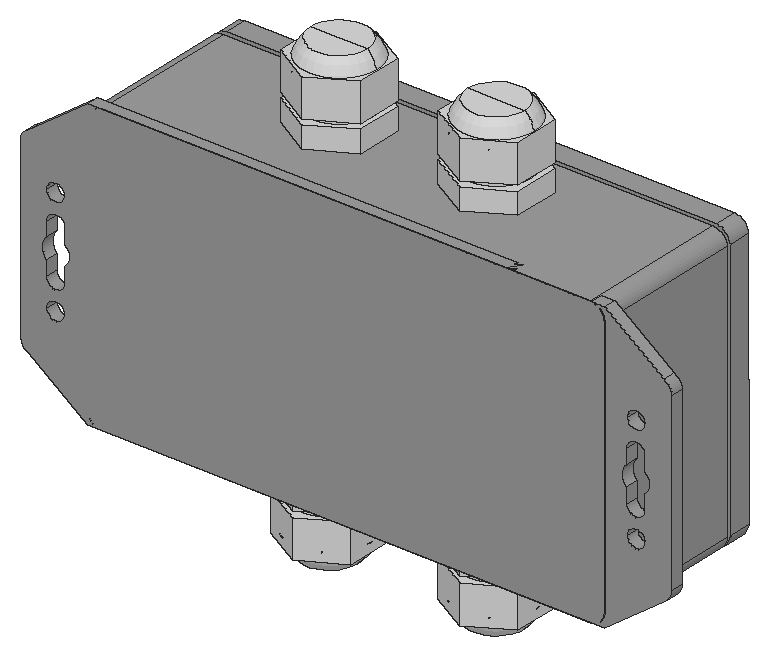
Revit family "СИБ", category Электрические приборы, Revit 2019
Family settings
  Основа = Стена
  Сохранять ориентацию аннотаций = Нет
  Размер круглого соединителя = Использовать диаметр
  Тип детали = Нормальный
  Номер OmniClass = 23.80.00.00
  Заголовок OmniClass = Electric Power and Lighting
  Всегда вертикально = Нет
  При загрузке вырезать с полостями = Нет
  Общий = Нет
  Точка расчета площади = Нет
Parameters (values of type "SET.SIB.NB.4.68.A.0.1.0")
  Ширина, мм = if(Степень_защиты_IP = 20, 99 mm, 115 mm)  # 115 mm
  Ширина с креплением = 145 mm
  Уплотнители IP20 = Степень_защиты_IP = 20  # no
  Температурный режим = "-40 +55ºС"
  Степень_защиты_IP = 68
  Сайт производителя = "https://chronosmeter.com/"
  Питание = "внутреннее"
  Крепление на стену = or(Степень_защиты_IP = 65, Степень_защиты_IP = 68)  # yes
  Каналы = 4
  Интерфейс = "GSM"
  Глубина, мм = if(Степень_защиты_IP = 20, 38 mm, 40 mm)  # 40 mm
  Гермовводы = or(Степень_защиты_IP = 65, Степень_защиты_IP = 68)  # yes
  Высота_крепление = 42.737 mm
  Высота размещения = 1497.967 mm
  Высота = if(Степень_защиты_IP = 20, 48 mm, 64 mm)  # 64 mm
  Антенна = "внешняя"
  Sim-карта в комплекте = no
  SMA разъем = no
  ADSK_Наименование = "Счетчик импульсов беспроводной 4канальный NB-IoT"
  ADSK_Масса = if(Степень_защиты_IP = 20, 0.15, 0.2)  # 0.2
  ADSK_Марка = "SET.SIB.NB.4.68.A.0.1.0"
  ADSK_Количество = 1
  ADSK_Код изделия = "C199-1345"
  ADSK_Завод-изготовитель = "Chronos Meter"  # constant formula
  ADSK_Единица измерения = "шт."  # constant formula
Types (28, lengths in mm): name | Ширина, мм | Уплотнители IP20 | Температурный режим | Степень_защиты_IP | Питание | Крепление на стену | Интерфейс | Глубина, мм | Гермовводы | Высота | Антенна | Sim-карта в комплекте | SMA разъем | ADSK_Наименование | ADSK_Масса | ADSK_Марка | ADSK_Код изделия
  SET.SIB.LR.4.20.0.0.0.0 | 99 | yes | "0 +55ºС" | 20 | "внутреннее" | no | "LoRaWAN" | 38 | no | 48 | "внутренняя" | no | no | "Счетчик импульсов беспроводной 4канальный LoRaWAN" | 0.15 | "SET.SIB.LR.4.20.0.0.0.0" | "C199-1104"
  SET.SIB.LR.4.20.S.0.0.0 | 99 | yes | "0 +55ºС" | 20 | "внутреннее" | no | "LoRaWAN" | 38 | no | 48 | "внешняя" | no | yes | "Счетчик импульсов беспроводной 4канальный LoRaWAN" | 0.15 | "SET.SIB.LR.4.20.S.0.0.0" | "C199-1105"
  SET.SIB.LR.4.65.0.0.0.0 | 115 | no | "0 +55ºС" | 65 | "внутреннее" | yes | "LoRaWAN" | 40 | yes | 64 | "внутренняя" | no | no | "Счетчик импульсов беспроводной 4канальный LoRaWAN" | 0.2 | "SET.SIB.LR.4.65.0.0.0.0" | "C199-1136"
  SET.SIB.LR.4.65.S.0.0.0 | 115 | no | "0 +55ºС" | 65 | "внутреннее" | yes | "LoRaWAN" | 40 | yes | 64 | "внешняя" | no | yes | "Счетчик импульсов беспроводной 4канальный LoRaWAN" | 0.2 | "SET.SIB.LR.4.65.0.0.0.0" | "C199-1137"
  SET.SIB.LR.4.68.A.0.0.0 | 115 | no | "0 +55ºС" | 68 | "внутреннее" | yes | "LoRaWAN" | 40 | yes | 64 | "внешняя" | no | no | "Счетчик импульсов беспроводной 4канальный LoRaWAN" | 0.2 | "SET.SIB.LR.4.68.A.0.0.0" | "C199-1156"
  SET.SIB.LR.4.68.A.0.1.0 | 115 | no | "-40 +55ºС" | 68 | "внутреннее" | yes | "LoRaWAN" | 40 | yes | 64 | "внешняя" | no | no | "Счетчик импульсов беспроводной 4канальный LoRaWAN" | 0.2 | "SET.SIB.LR.4.68.A.0.1.0" | "C199-1157"
  SET.SIB.GSM.4.65.S.0.0.0 | 115 | no | "0 +55ºС" | 65 | "внутреннее" | yes | "GSM" | 40 | yes | 64 | "внешняя" | no | yes | "Счетчик импульсов беспроводной 4канальный GSM" | 0.2 | "SET.SIB.GSM.4.65.S.0.0.0" | "C199-1219"
  SET.SIB.GSM.4.65.S.1.1.0 | 115 | no | "-40 +55ºС" | 65 | "внешнее" | yes | "GSM" | 40 | yes | 64 | "внешняя" | no | yes | "Счетчик импульсов беспроводной 4канальный GSM" | 0.2 | "SET.SIB.GSM.4.65.S.1.1.0" | "C199-1225"
  SET.SIB.GSM.4.68.A.0.0.0 | 115 | no | "0 +55ºС" | 68 | "внутреннее" | yes | "GSM" | 40 | yes | 64 | "внешняя" | no | no | "Счетчик импульсов беспроводной 4канальный GSM" | 0.2 | "SET.SIB.GSM.4.68.A.0.0.0" | "C199-1243"
  SET.SIB.NB.4.65.S.0.0.0 | 115 | no | "0 +55ºС" | 65 | "внутреннее" | yes | "NB-IoT" | 40 | yes | 64 | "внешняя" | no | yes | "Счетчик импульсов беспроводной 4канальный NB-IoT" | 0.2 | "SET.SIB.GSM.4.65.S.0.0.0" | "C199-1319"
  SET.SIB.NB.4.65.S.1.1.0 | 115 | no | "-40 +55ºС" | 65 | "внешнее" | yes | "NB-IoT" | 40 | yes | 64 | "внешняя" | no | yes | "Счетчик импульсов беспроводной 4канальный NB-IoT" | 0.2 | "SET.SIB.GSM.4.65.S.1.1.0" | "C199-1325"
  SET.SIB.NB.4.68.A.0.0.0 | 115 | no | "0 +55ºС" | 68 | "внутреннее" | yes | "GSM" | 40 | yes | 64 | "внешняя" | no | no | "Счетчик импульсов беспроводной 4канальный NB-IoT" | 0.2 | "SET.SIB.NB.4.68.A.0.0.0" | "C199-1343"
  SET.SIB.NB.4.65.S.0.0.SIM.C | 115 | no | "0 +55ºС" | 65 | "внутреннее" | yes | "NB-IoT" | 40 | yes | 64 | "внешняя" | yes | yes | "Счетчик импульсов беспроводной 4канальный NB-IoT" | 0.2 | "SET.SIB.NB.4.65.S.0.0.SIM.C" | "C199-1348"
  SET.SIB.NB.4.68.A.0.0.SIM.C | 115 | no | "0 +55ºС" | 68 | "внутреннее" | yes | "GSM" | 40 | yes | 64 | "внешняя" | yes | no | "Счетчик импульсов беспроводной 4канальный NB-IoT" | 0.2 | "SET.SIB.NB.4.68.A.0.0.SIM.C" | "C199-1351"
  SET.SIB.RF.4.20.0.0.0.0 | 99 | yes | "0 +55ºС" | 20 | "внутреннее" | no | "RF-433" | 38 | no | 48 | "внутренняя" | no | no | "Счетчик импульсов беспроводной 4канальный wM-Bus" | 0.15 | "SET.SIB.RF.4.20.0.0.0.0" | "C199-1000"
  SET.SIB.RF.4.20.S.0.0.0 | 99 | yes | "0 +55ºС" | 20 | "внутреннее" | no | "RF-433" | 38 | no | 48 | "внешняя" | no | yes | "Счетчик импульсов беспроводной 4канальный wM-Bus" | 0.15 | "SET.SIB.RF.4.20.S.0.0.0" | "C199-1001"
  SET.SIB.RF.4.65.0.0.0.0 | 115 | no | "0 +55ºС" | 65 | "внутреннее" | yes | "RF-433" | 40 | yes | 64 | "внутренняя" | no | no | "Счетчик импульсов беспроводной 4канальный wM-Bus" | 0.2 | "SET.SIB.RF.4.65.0.0.0.0" | "C199-1006"
  SET.SIB.RF.4.65.S.0.0.0 | 115 | no | "0 +55ºС" | 65 | "внутреннее" | yes | "RF-433" | 40 | yes | 64 | "внешняя" | no | yes | "Счетчик импульсов беспроводной 4канальный wM-Bus" | 0.2 | "SET.SIB.RF.4.65.S.0.0.0" | "C199-1007"
  SET.SIB.RF.4.65.0.0.1.0 | 115 | no | "-40 +55ºС" | 65 | "внутреннее" | yes | "RF-433" | 40 | yes | 64 | "внутренняя" | no | no | "Счетчик импульсов беспроводной 4канальный wM-Bus" | 0.2 | "SET.SIB.RF.4.65.0.0.1.0" | "C199-1008"
  SET.SIB.RF.4.65.S.0.1.0 | 115 | no | "-40 +55ºС" | 65 | "внутреннее" | yes | "RF-433" | 40 | yes | 64 | "внешняя" | no | yes | "Счетчик импульсов беспроводной 4канальный wM-Bus" | 0.2 | "SET.SIB.RF.4.65.S.0.1.0" | "C199-1009"
  SET.SIB.RF.4.68.A.0.0.0 | 115 | no | "0 +55ºС" | 68 | "внутреннее" | yes | "RF-433" | 40 | yes | 64 | "внешняя" | no | no | "Счетчик импульсов беспроводной 4канальный wM-Bus" | 0.2 | "SET.SIB.RF.4.68.A.0.0.0" | "C199-1010"
  SET.SIB.RF.4.68.A.0.1.0 | 115 | no | "-40 +55ºС" | 68 | "внутреннее" | yes | "RF-433" | 40 | yes | 64 | "внешняя" | no | no | "Счетчик импульсов беспроводной 4канальный wM-Bus" | 0.2 | "SET.SIB.RF.4.68.A.0.1.0" | "C199-1011"
  SET.SIB.LR.4.65.0.0.1.0 | 115 | no | "-40 +55ºС" | 65 | "внутреннее" | yes | "LoRaWAN" | 40 | yes | 64 | "внутренняя" | no | no | "Счетчик импульсов беспроводной 4канальный LoRaWAN" | 0.2 | "SET.SIB.LR.4.65.0.0.1.0" | "C199-1138"
  SET.SIB.LR.4.65.S.0.1.0 | 115 | no | "-40 +55ºС" | 65 | "внутреннее" | yes | "LoRaWAN" | 40 | yes | 64 | "внешняя" | no | yes | "Счетчик импульсов беспроводной 4канальный LoRaWAN" | 0.2 | "SET.SIB.LR.4.65.S.0.1.0" | "C199-1139"
  SET.SIB.GSM.4.65.S.0.1.0 | 115 | no | "-40 +55ºС" | 65 | "внутреннее" | yes | "GSM" | 40 | yes | 64 | "внешняя" | no | yes | "Счетчик импульсов беспроводной 4канальный GSM" | 0.2 | "SET.SIB.GSM.4.65.S.0.1.0" | "C199-1221"
  SET.SIB.GSM.4.68.A.0.1.0 | 115 | no | "-40 +55ºС" | 68 | "внутреннее" | yes | "GSM" | 40 | yes | 64 | "внешняя" | no | no | "Счетчик импульсов беспроводной 4канальный GSM" | 0.2 | "SET.SIB.GSM.4.68.A.0.1.0" | "C199-1245"
  SET.SIB.NB.4.65.S.0.1.0 | 115 | no | "-40 +55ºС" | 65 | "внутреннее" | yes | "NB-IoT" | 40 | yes | 64 | "внешняя" | no | yes | "Счетчик импульсов беспроводной 4канальный NB-IoT" | 0.2 | "SET.SIB.NB.4.65.S.0.1.0" | "C199-1321"
  SET.SIB.NB.4.68.A.0.1.0 | 115 | no | "-40 +55ºС" | 68 | "внутреннее" | yes | "GSM" | 40 | yes | 64 | "внешняя" | no | no | "Счетчик импульсов беспроводной 4канальный NB-IoT" | 0.2 | "SET.SIB.NB.4.68.A.0.1.0" | "C199-1345"
Reference planes
  plane 1: y = 0
  plane 2 "По центру (Влево/Вправо)": x = 125
  plane 3 "Сзади": y = 75
  plane 4: x = 67.5
  plane 5: x = 182.5
  plane 6: y = 115
  plane 7: y = 75
  plane 8 "Высота размещения": z = 1497.967
  plane 9: z = 1529.967
  plane 10: z = 1465.967
  plane 11: z = 1535.967
  plane 12: x = 197.5
  plane 13: x = 52.5
  plane 14: z = 1519.335
  plane 15: z = 1476.598
Forms (mm)
  Extrusion 1, solid, material "Поливинилхлорид, жесткий, серый"
    sketch origin (0, 75, 0) x (1, 0, 0) y (0, 0, 1)
      loop
        arc (182.5, 1526.921) -> (181.608, 1529.075) -> (179.454, 1529.967) r 3.046
        line (179.454, 1529.967) -> (70.537, 1529.967)
        arc (70.537, 1529.967) -> (68.389, 1529.077) -> (67.5, 1526.93) r 3.037
        line (67.5, 1526.93) -> (67.5, 1468.95)
        arc (67.5, 1468.95) -> (68.374, 1466.841) -> (70.483, 1465.967) r 2.983
        line (70.483, 1465.967) -> (179.543, 1465.967)
        arc (179.543, 1465.967) -> (181.634, 1466.833) -> (182.5, 1468.924) r 2.957
        line (182.5, 1468.924) -> (182.5, 1526.921)
    from 0 to -40
  Extrusion 2, void, detail levels fine
    sketch origin (125, -1.406, 0) x (0, 1, 0) y (0, 0, 1)
      loop
        line (111.4, 1529.967) -> (110.406, 1529.967) -> (110.406, 1465.967) -> (111.4, 1465.967) -> (111.4, 1529.967)
    from 57.5 to -57.5
  Extrusion 3, solid, material "Латунь", visible <- "SMA разъем", detail levels fine
    sketch origin (0, 0, 0) x (1, 0, 0) y (0, 1, 0)
      loop
        circle (91.516, 93.53) r 3.532
      loop
        circle (91.516, 93.53) r 3.236
      loop
        circle (91.516, 93.53) r 0.793
    from 1529.967 to 1535.967
  Extrusion 4, solid, material "Каучук, черный", visible <- "Уплотнители IP20"
    sketch origin (125, 0, 0) x (0, 1, 0) y (0, 0, 1)
      loop
        circle (88.537, 1519.35) r 3.484
      loop
        circle (88.204, 1487.136) r 3.495
      loop
        circle (88.537, 1519.35) r 0.967
      loop
        circle (88.204, 1487.136) r 0.99
    from -57.5 to -50.362
  Revolve 5, solid, material "Поливинилхлорид, жесткий, белый", visible <- "Гермовводы", detail levels medium+fine
    sketch origin (129.069, 93.225, 1442.505) x (-1, 0, 0) y (0, 0, 1)
      loop
        line (-14.827, 3.826) -> (-14.827, 8.826) -> (-23.737, 8.826)
        arc (-23.737, 8.826) -> (-22.823, 6.126) -> (-21.139, 3.826) r 9.363
        line (-21.139, 3.826) -> (-14.827, 3.826)
      axis (-14.827, 8.826) -> (-14.827, 3.826)
    angle from 0 to 360
  Extrusion 6, solid, material "Поливинилхлорид, жесткий, белый", visible <- "Гермовводы", detail levels medium+fine
    sketch origin (129.069, 118.225, 1438.443) x (1, 0, 0) y (0, 1, 0)
      loop
        line (14.827, -14.712) -> (5.917, -19.856) -> (5.917, -30.144) -> (14.827, -35.288) -> (23.737, -30.144) -> (23.737, -19.856) -> (14.827, -14.712)
    from 20.776 to 25.495
  Extrusion 7, solid, material "Поливинилхлорид, жесткий, белый", visible <- "Гермовводы", detail levels medium+fine
    sketch origin (129.069, 118.225, 1438.443) x (1, 0, 0) y (0, 1, 0)
      loop
        circle (14.827, -25) r 7.645
    from 10.859 to 25.495
  Extrusion 8, solid, material "Поливинилхлорид, жесткий, белый", visible <- "Гермовводы", detail levels medium+fine
    sketch origin (129.069, 118.225, 1432.257) x (1, 0, 0) y (0, 1, 0)
      loop
        line (14.827, -14.712) -> (5.917, -19.856) -> (5.917, -30.144) -> (14.827, -35.288) -> (23.737, -30.144) -> (23.737, -19.856) -> (14.827, -14.712)
    from 17.045 to 25.495
  Revolve 9, solid, material "Поливинилхлорид, жесткий, белый", visible <- "Гермовводы", detail levels medium+fine
    sketch origin (91.945, 93.225, 1442.505) x (-1, 0, 0) y (0, 0, 1)
      loop
        line (-14.827, 3.826) -> (-14.827, 8.826) -> (-23.737, 8.826)
        arc (-23.737, 8.826) -> (-22.823, 6.126) -> (-21.139, 3.826) r 9.363
        line (-21.139, 3.826) -> (-14.827, 3.826)
      axis (-14.827, 8.826) -> (-14.827, 3.826)
    angle from 0 to 360
  Extrusion 10, solid, material "Поливинилхлорид, жесткий, белый", visible <- "Гермовводы", detail levels medium+fine
    sketch origin (91.945, 118.225, 1438.443) x (1, 0, 0) y (0, 1, 0)
      loop
        line (14.827, -14.712) -> (5.917, -19.856) -> (5.917, -30.144) -> (14.827, -35.288) -> (23.737, -30.144) -> (23.737, -19.856) -> (14.827, -14.712)
    from 20.776 to 25.495
  Extrusion 11, solid, material "Поливинилхлорид, жесткий, белый", visible <- "Гермовводы", detail levels medium+fine
    sketch origin (91.945, 118.225, 1438.443) x (1, 0, 0) y (0, 1, 0)
      loop
        circle (14.827, -25) r 7.645
    from 10.859 to 25.495
  Extrusion 12, solid, material "Поливинилхлорид, жесткий, белый", visible <- "Гермовводы", detail levels medium+fine
    sketch origin (91.945, 118.225, 1432.257) x (1, 0, 0) y (0, 1, 0)
      loop
        line (14.827, -14.712) -> (5.917, -19.856) -> (5.917, -30.144) -> (14.827, -35.288) -> (23.737, -30.144) -> (23.737, -19.856) -> (14.827, -14.712)
    from 17.045 to 25.495
  Revolve 13, solid, material "Поливинилхлорид, жесткий, белый", visible <- "Гермовводы", detail levels medium+fine
    sketch origin (158.723, 93.225, 1557.582) x (1, 0, 0) y (0, 0, -1)
      loop
        line (-14.827, 7.892) -> (-14.827, 12.892) -> (-23.737, 12.892)
        arc (-23.737, 12.892) -> (-22.823, 10.192) -> (-21.139, 7.892) r 9.363
        line (-21.139, 7.892) -> (-14.827, 7.892)
      axis (-14.827, 12.892) -> (-14.827, 7.892)
    angle from 0 to 360
  Extrusion 14, solid, material "Поливинилхлорид, жесткий, белый", visible <- "Гермовводы", detail levels medium+fine
    sketch origin (158.723, 118.225, 1511.254) x (0, 1, 0) y (-1, 0, 0)
      loop
        line (-14.712, 14.827) -> (-19.856, 23.737) -> (-30.144, 23.737) -> (-35.288, 14.827) -> (-30.144, 5.917) -> (-19.856, 5.917) -> (-14.712, 14.827)
    from 20.776 to 25.495
  Extrusion 15, solid, material "Поливинилхлорид, жесткий, белый", visible <- "Гермовводы", detail levels medium+fine
    sketch origin (158.723, 118.225, 1521.332) x (0, 1, 0) y (-1, 0, 0)
      loop
        circle (-25, 14.827) r 7.645
    from 10.668 to 25.391
  Extrusion 16, solid, material "Поливинилхлорид, жесткий, белый", visible <- "Гермовводы", detail levels medium+fine
    sketch origin (158.723, 118.225, 1520.955) x (0, 1, 0) y (-1, 0, 0)
      loop
        line (-14.712, 14.827) -> (-19.856, 23.737) -> (-30.144, 23.737) -> (-35.288, 14.827) -> (-30.144, 5.917) -> (-19.856, 5.917) -> (-14.712, 14.827)
    from 17.045 to 25.495
  Revolve 17, solid, material "Поливинилхлорид, жесткий, белый", visible <- "Гермовводы", detail levels medium+fine
    sketch origin (123.723, 93.225, 1557.582) x (1, 0, 0) y (0, 0, -1)
      loop
        line (-14.827, 7.892) -> (-14.827, 12.892) -> (-23.737, 12.892)
        arc (-23.737, 12.892) -> (-22.823, 10.192) -> (-21.139, 7.892) r 9.363
        line (-21.139, 7.892) -> (-14.827, 7.892)
      axis (-14.827, 12.892) -> (-14.827, 7.892)
    angle from 0 to 360
  Extrusion 18, solid, material "Поливинилхлорид, жесткий, белый", visible <- "Гермовводы", detail levels medium+fine
    sketch origin (123.723, 118.225, 1511.332) x (0, 1, 0) y (-1, 0, 0)
      loop
        line (-14.712, 14.827) -> (-19.856, 23.737) -> (-30.144, 23.737) -> (-35.288, 14.827) -> (-30.144, 5.917) -> (-19.856, 5.917) -> (-14.712, 14.827)
    from 20.668 to 25.495
  Extrusion 19, solid, material "Поливинилхлорид, жесткий, белый", visible <- "Гермовводы", detail levels medium+fine
    sketch origin (123.723, 118.225, 1521.332) x (0, 1, 0) y (-1, 0, 0)
      loop
        circle (-25, 14.827) r 7.645
    from 10.776 to 25.391
  Extrusion 20, solid, material "Поливинилхлорид, жесткий, белый", visible <- "Гермовводы", detail levels medium+fine
    sketch origin (123.723, 118.225, 1520.955) x (0, 1, 0) y (-1, 0, 0)
      loop
        line (-14.712, 14.827) -> (-19.856, 23.737) -> (-30.144, 23.737) -> (-35.288, 14.827) -> (-30.144, 5.917) -> (-19.856, 5.917) -> (-14.712, 14.827)
    from 17.045 to 25.495
  Extrusion 21, solid, material "Поливинилхлорид, жесткий, серый", visible <- "Крепление на стену"
    sketch origin (0, 75, 0) x (1, 0, 0) y (0, 0, 1)
      loop
        line (195.722, 1520.11) -> (182.5, 1529.967) -> (67.5, 1529.967) -> (54.292, 1520.116)
        arc (54.292, 1520.116) -> (52.988, 1519.016) -> (52.5, 1517.38) r 2.984
        line (52.5, 1517.38) -> (52.5, 1478.591)
        arc (52.5, 1478.591) -> (52.998, 1476.924) -> (54.327, 1475.802) r 3.042
        line (54.327, 1475.802) -> (67.5, 1465.967) -> (182.5, 1465.967) -> (195.69, 1475.81)
        arc (195.69, 1475.81) -> (197.007, 1476.921) -> (197.5, 1478.572) r 3.013
        line (197.5, 1478.572) -> (197.5, 1517.397)
        arc (197.5, 1517.397) -> (197.016, 1519.018) -> (195.722, 1520.11) r 2.959
      loop
        line (191.555, 1492.431) -> (191.555, 1495.732)
        arc (191.555, 1495.732) -> (192.547, 1497.967) -> (191.555, 1500.202) r 3.015
        line (191.555, 1500.202) -> (191.555, 1503.503)
        arc (191.555, 1503.503) -> (189.532, 1505.526) -> (187.509, 1503.503) r 2.023
        line (187.509, 1503.503) -> (187.509, 1500.202)
        arc (187.509, 1500.202) -> (186.517, 1497.967) -> (187.509, 1495.732) r 3.015
        line (187.509, 1495.732) -> (187.509, 1492.431)
        arc (187.509, 1492.431) -> (189.532, 1490.408) -> (191.555, 1492.431) r 2.023
      loop
        circle (189.624, 1509.772) r 1.991
      loop
        circle (189.624, 1486.161) r 1.991
      loop
        arc (58.445, 1492.431) -> (60.468, 1490.408) -> (62.491, 1492.431) r 2.023
        line (62.491, 1492.431) -> (62.491, 1495.732)
        arc (62.491, 1495.732) -> (63.483, 1497.967) -> (62.491, 1500.202) r 3.015
        line (62.491, 1500.202) -> (62.491, 1503.503)
        arc (62.491, 1503.503) -> (60.468, 1505.526) -> (58.445, 1503.503) r 2.023
        line (58.445, 1503.503) -> (58.445, 1500.202)
        arc (58.445, 1500.202) -> (57.453, 1497.967) -> (58.445, 1495.732) r 3.015
        line (58.445, 1495.732) -> (58.445, 1492.431)
      loop
        circle (60.376, 1509.772) r 1.991
      loop
        circle (60.376, 1486.161) r 1.991
    from 0 to -2.767
Cuts and joins
  Extrusion 2 cuts Extrusion 1
Lines and regions (mm)
  model lines, detail levels fine
    curve 1: line (97.447, 115.313, 1519.335) -> (99.164, 115.313, 1519.335)
    curve 2: line (99.164, 115.313, 1519.335) -> (99.164, 115.313, 1516.598)
    curve 3: line (99.164, 115.313, 1516.598) -> (97.447, 115.313, 1516.598)
    curve 4: line (96.95, 115.313, 1519.335) -> (96.95, 115.313, 1516.598)
    curve 5: line (93.02, 115.313, 1519.335) -> (94.736, 115.313, 1519.335)
    curve 6: line (94.736, 115.313, 1519.335) -> (94.736, 115.313, 1516.598)
    curve 7: line (94.736, 115.313, 1517.967) -> (93.02, 115.313, 1516.598)
    curve 8: line (90.806, 115.313, 1519.335) -> (92.522, 115.313, 1519.335)
    curve 9: line (92.522, 115.313, 1519.335) -> (92.522, 115.313, 1516.598)
    curve 10: line (92.522, 115.313, 1516.598) -> (90.806, 115.313, 1516.598)
    curve 11: line (90.308, 115.313, 1519.335) -> (90.308, 115.313, 1516.598)
    curve 12: line (86.378, 115.313, 1519.335) -> (88.094, 115.313, 1519.335)
    curve 13: line (88.094, 115.313, 1519.335) -> (88.094, 115.313, 1516.598)
    curve 14: line (88.094, 115.313, 1516.598) -> (86.378, 115.313, 1516.598)
    curve 15: line (84.164, 115.313, 1519.335) -> (85.881, 115.313, 1519.335)
    curve 16: line (85.881, 115.313, 1519.335) -> (85.881, 115.313, 1517.967)
    curve 17: line (85.881, 115.313, 1516.598) -> (84.164, 115.313, 1516.598)
    curve 18: line (96.95, 115.313, 1516.121) -> (96.95, 115.313, 1513.384)
    curve 19: line (93.02, 115.313, 1516.121) -> (94.736, 115.313, 1516.121)
    curve 20: line (94.736, 115.313, 1516.121) -> (94.736, 115.313, 1513.384)
    curve 21: line (94.736, 115.313, 1513.384) -> (93.02, 115.313, 1513.384)
    curve 22: line (90.806, 115.313, 1516.121) -> (92.522, 115.313, 1516.121)
    curve 23: line (88.592, 115.313, 1516.121) -> (90.308, 115.313, 1516.121)
    curve 24: line (90.308, 115.313, 1516.121) -> (90.308, 115.313, 1513.384)
    curve 25: line (90.308, 115.313, 1513.384) -> (88.592, 115.313, 1513.384)
    curve 26: line (95.234, 115.313, 1519.335) -> (95.234, 115.313, 1516.598)
    curve 27: line (96.95, 115.313, 1517.967) -> (95.234, 115.313, 1517.967)
    curve 28: line (94.736, 115.313, 1517.967) -> (93.02, 115.313, 1517.967)
    curve 29: line (93.02, 115.313, 1517.967) -> (93.02, 115.313, 1519.335)
    curve 30: line (90.806, 115.313, 1519.335) -> (90.806, 115.313, 1516.598)
    curve 31: line (88.592, 115.313, 1519.335) -> (88.592, 115.313, 1516.598)
    curve 32: line (90.308, 115.313, 1519.335) -> (88.592, 115.313, 1516.598)
    curve 33: line (86.378, 115.313, 1519.335) -> (86.378, 115.313, 1516.598)
    curve 34: line (85.881, 115.313, 1517.967) -> (84.164, 115.313, 1517.967)
    curve 35: line (84.164, 115.313, 1517.967) -> (84.164, 115.313, 1516.598)
    curve 36: line (95.234, 115.313, 1516.121) -> (95.234, 115.313, 1513.384)
    curve 37: line (96.95, 115.313, 1516.121) -> (96.092, 115.313, 1514.752)
    curve 38: line (96.092, 115.313, 1514.752) -> (95.234, 115.313, 1516.121)
    curve 39: line (91.664, 115.313, 1516.121) -> (91.664, 115.313, 1513.384)
    curve 40: line (94.736, 115.313, 1514.752) -> (93.878, 115.313, 1514.752)
    curve 41: line (90.308, 115.313, 1514.752) -> (89.387, 115.313, 1514.752)
    curve 42: line (86.378, 115.313, 1516.121) -> (88.094, 115.313, 1516.121)
    curve 43: line (88.094, 115.313, 1516.121) -> (88.094, 115.313, 1513.384)
    curve 44: line (88.094, 115.313, 1514.752) -> (86.378, 115.313, 1513.384)
    curve 45: line (88.094, 115.313, 1514.752) -> (86.378, 115.313, 1514.752)
    curve 46: line (86.378, 115.313, 1514.752) -> (86.378, 115.313, 1516.121)
    curve 47: circle (103.503, 115.313, 1516.109) r 3.026 normal (0, -1, 0)
    curve 48: spline (105.016, 115.313, 1513.488) -> (104.42, 115.313, 1513.263) -> (103.761, 115.313, 1513.231) -> (103.084, 115.313, 1513.396) -> (102.436, 115.313, 1513.745) -> (101.861, 115.313, 1514.256) -> (101.397, 115.313, 1514.893) -> (101.078, 115.313, 1515.612) -> (100.923, 115.313, 1516.366) -> (100.944, 115.313, 1517.102) -> (101.14, 115.313, 1517.77) -> (101.497, 115.313, 1518.325) -> (101.99, 115.313, 1518.729) -> (102.587, 115.313, 1518.954) -> (103.246, 115.313, 1518.986) -> (103.923, 115.313, 1518.821) -> (104.571, 115.313, 1518.472) -> (105.146, 115.313, 1517.961) -> (105.609, 115.313, 1517.325) -> (105.929, 115.313, 1516.605) -> (106.084, 115.313, 1515.851) -> (106.062, 115.313, 1515.116) -> (105.867, 115.313, 1514.447) -> (105.51, 115.313, 1513.892) -> (105.016, 115.313, 1513.488)
    curve 49: spline (105.016, 115.313, 1513.488) -> (104.688, 115.313, 1513.418) -> (104.278, 115.313, 1513.53) -> (103.816, 115.313, 1513.819) -> (103.332, 115.313, 1514.263) -> (102.861, 115.313, 1514.833) -> (102.433, 115.313, 1515.49) -> (102.077, 115.313, 1516.19) -> (101.82, 115.313, 1516.883) -> (101.676, 115.313, 1517.524) -> (101.658, 115.313, 1518.069) -> (101.765, 115.313, 1518.48) -> (101.99, 115.313, 1518.729) -> (102.319, 115.313, 1518.8) -> (102.729, 115.313, 1518.687) -> (103.191, 115.313, 1518.399) -> (103.674, 115.313, 1517.954) -> (104.146, 115.313, 1517.384) -> (104.574, 115.313, 1516.727) -> (104.929, 115.313, 1516.028) -> (105.187, 115.313, 1515.334) -> (105.33, 115.313, 1514.693) -> (105.349, 115.313, 1514.148) -> (105.242, 115.313, 1513.738) -> (105.016, 115.313, 1513.488)
    curve 50: line (106.124, 115.313, 1517.622) -> (100.883, 115.313, 1514.596)
    curve 51: line (103.458, 115.313, 1519.134) -> (100.906, 115.313, 1517.66)
    curve 52: line (106.101, 115.313, 1514.557) -> (103.548, 115.313, 1513.083)
    curve 53: line (101.99, 115.313, 1518.729) -> (105.016, 115.313, 1513.488)
  model lines, not visible, detail levels fine
    curve 54: line (29.72, -66.224, 36.978) -> (28.003, -66.224, 36.978)
    curve 55: line (28.003, -66.224, 36.978) -> (28.003, -66.224, 34.24)
    curve 56: line (28.003, -66.224, 34.24) -> (29.72, -66.224, 34.24)
    curve 57: line (30.217, -66.224, 36.978) -> (30.217, -66.224, 34.24)
    curve 58: line (34.147, -66.224, 36.978) -> (32.431, -66.224, 36.978)
    curve 59: line (32.431, -66.224, 36.978) -> (32.431, -66.224, 34.24)
    curve 60: line (32.431, -66.224, 35.609) -> (34.147, -66.224, 34.24)
    curve 61: line (36.361, -66.224, 36.978) -> (34.645, -66.224, 36.978)
    curve 62: line (34.645, -66.224, 36.978) -> (34.645, -66.224, 34.24)
    curve 63: line (34.645, -66.224, 34.24) -> (36.361, -66.224, 34.24)
    curve 64: line (36.859, -66.224, 36.978) -> (36.859, -66.224, 34.24)
    curve 65: line (40.789, -66.224, 36.978) -> (39.073, -66.224, 36.978)
    curve 66: line (39.073, -66.224, 36.978) -> (39.073, -66.224, 34.24)
    curve 67: line (39.073, -66.224, 34.24) -> (40.789, -66.224, 34.24)
    curve 68: line (43.003, -66.224, 36.978) -> (41.286, -66.224, 36.978)
    curve 69: line (41.286, -66.224, 36.978) -> (41.286, -66.224, 35.609)
    curve 70: line (41.286, -66.224, 34.24) -> (43.003, -66.224, 34.24)
    curve 71: line (30.217, -66.224, 33.763) -> (30.217, -66.224, 31.026)
    curve 72: line (34.147, -66.224, 33.763) -> (32.431, -66.224, 33.763)
    curve 73: line (32.431, -66.224, 33.763) -> (32.431, -66.224, 31.026)
    curve 74: line (32.431, -66.224, 31.026) -> (34.147, -66.224, 31.026)
    curve 75: line (36.361, -66.224, 33.763) -> (34.645, -66.224, 33.763)
    curve 76: line (38.575, -66.224, 33.763) -> (36.859, -66.224, 33.763)
    curve 77: line (36.859, -66.224, 33.763) -> (36.859, -66.224, 31.026)
    curve 78: line (36.859, -66.224, 31.026) -> (38.575, -66.224, 31.026)
    curve 79: line (31.934, -66.224, 36.978) -> (31.934, -66.224, 34.24)
    curve 80: line (30.217, -66.224, 35.609) -> (31.934, -66.224, 35.609)
    curve 81: line (32.431, -66.224, 35.609) -> (34.147, -66.224, 35.609)
    curve 82: line (34.147, -66.224, 35.609) -> (34.147, -66.224, 36.978)
    curve 83: line (36.361, -66.224, 36.978) -> (36.361, -66.224, 34.24)
    curve 84: line (38.575, -66.224, 36.978) -> (38.575, -66.224, 34.24)
    curve 85: line (36.859, -66.224, 36.978) -> (38.575, -66.224, 34.24)
    curve 86: line (40.789, -66.224, 36.978) -> (40.789, -66.224, 34.24)
    curve 87: line (41.286, -66.224, 35.609) -> (43.003, -66.224, 35.609)
    curve 88: line (43.003, -66.224, 35.609) -> (43.003, -66.224, 34.24)
    curve 89: line (31.934, -66.224, 33.763) -> (31.934, -66.224, 31.026)
    curve 90: line (30.217, -66.224, 33.763) -> (31.075, -66.224, 32.395)
    curve 91: line (31.075, -66.224, 32.395) -> (31.934, -66.224, 33.763)
    curve 92: line (35.503, -66.224, 33.763) -> (35.503, -66.224, 31.026)
    curve 93: line (32.431, -66.224, 32.395) -> (33.289, -66.224, 32.395)
    curve 94: line (36.859, -66.224, 32.395) -> (37.78, -66.224, 32.395)
    curve 95: line (40.789, -66.224, 33.763) -> (39.073, -66.224, 33.763)
    curve 96: line (39.073, -66.224, 33.763) -> (39.073, -66.224, 31.026)
    curve 97: line (39.073, -66.224, 32.395) -> (40.789, -66.224, 31.026)
    curve 98: line (39.073, -66.224, 32.395) -> (40.789, -66.224, 32.395)
    curve 99: line (40.789, -66.224, 32.395) -> (40.789, -66.224, 33.763)
    curve 100: circle (23.664, -66.224, 33.751) r 3.026 normal (0, 1, 0)
    curve 101: spline (22.151, -66.224, 31.131) -> (22.747, -66.224, 30.905) -> (23.406, -66.224, 30.874) -> (24.083, -66.224, 31.038) -> (24.731, -66.224, 31.388) -> (25.306, -66.224, 31.898) -> (25.77, -66.224, 32.535) -> (26.089, -66.224, 33.255) -> (26.244, -66.224, 34.008) -> (26.223, -66.224, 34.744) -> (26.027, -66.224, 35.412) -> (25.67, -66.224, 35.967) -> (25.177, -66.224, 36.371) -> (24.58, -66.224, 36.597) -> (23.921, -66.224, 36.628) -> (23.244, -66.224, 36.464) -> (22.596, -66.224, 36.114) -> (22.021, -66.224, 35.604) -> (21.558, -66.224, 34.967) -> (21.238, -66.224, 34.247) -> (21.083, -66.224, 33.494) -> (21.105, -66.224, 32.758) -> (21.3, -66.224, 32.09) -> (21.657, -66.224, 31.535) -> (22.151, -66.224, 31.131)
    curve 102: spline (22.151, -66.224, 31.131) -> (22.479, -66.224, 31.06) -> (22.889, -66.224, 31.173) -> (23.351, -66.224, 31.461) -> (23.835, -66.224, 31.905) -> (24.306, -66.224, 32.476) -> (24.735, -66.224, 33.133) -> (25.09, -66.224, 33.832) -> (25.347, -66.224, 34.526) -> (25.491, -66.224, 35.167) -> (25.509, -66.224, 35.711) -> (25.402, -66.224, 36.122) -> (25.177, -66.224, 36.371) -> (24.848, -66.224, 36.442) -> (24.438, -66.224, 36.329) -> (23.976, -66.224, 36.041) -> (23.493, -66.224, 35.597) -> (23.021, -66.224, 35.026) -> (22.593, -66.224, 34.369) -> (22.238, -66.224, 33.67) -> (21.98, -66.224, 32.976) -> (21.837, -66.224, 32.335) -> (21.818, -66.224, 31.791) -> (21.925, -66.224, 31.38) -> (22.151, -66.224, 31.131)
    curve 103: line (21.043, -66.224, 35.264) -> (26.284, -66.224, 32.238)
    curve 104: line (23.709, -66.224, 36.776) -> (26.261, -66.224, 35.303)
    curve 105: line (21.066, -66.224, 32.199) -> (23.619, -66.224, 30.726)
    curve 106: line (25.177, -66.224, 36.371) -> (22.151, -66.224, 31.131)
Text (mm)
  text "Сторона размещения" at (-1867.185, 1116.779, 0), in view "Опорный уровень"
  text "Сторона размещения" at (0, 1627.561, 3001.832), in view "Слева"
  text "Сторона размещения" at (0, 530.812, 2999.686), in view "Справа"
Dimensions and locks
  locked: plane 3 "Сзади" to host wall
  equal spacing: plane 4, plane 2 "По центру (Влево/Вправо)", plane 5
  "Ширина, мм": plane 4 to plane 5
  "Глубина, мм": plane 6 to plane 7
  "Высота размещения": plane 8 "Высота размещения" to level
  "Высота": plane 9 to plane 10
  equal spacing: plane 9, plane 8 "Высота размещения", plane 10
  locked: plane 9 to plane 11 at 6
  equal spacing: plane 13, plane 2 "По центру (Влево/Вправо)", plane 12
  "Ширина с креплением": plane 13 to plane 12
  equal spacing: plane 15, plane 8 "Высота размещения", plane 14
  "Высота_крепление": plane 15 to plane 14
  aligned and locked: plane 1 to host wall
  aligned and locked: plane 7 to host wall
  aligned and locked: plane 5 to Extrusion 1
  aligned and locked: Extrusion 1 to plane 4
  aligned and locked: plane 9 to Extrusion 1
  aligned and locked: Extrusion 1 to plane 10
  aligned and locked: plane 6 to Extrusion 1
  aligned and locked: plane 9 to Extrusion 2 sketch curve
  aligned and locked: Extrusion 2 sketch curve to plane 10
  aligned and locked: Extrusion 3 to plane 9
  aligned and locked: plane 4 to Extrusion 4
  aligned and locked: Extrusion 2 to plane 4
  aligned and locked: plane 5 to Extrusion 2
  aligned and locked: plane 11 to Extrusion 3
Automatic sketch dimensions
  curve 25 to curve 21 = 0 mm
  curve 20 to curve 38 = 1.369 mm
  curve 25 to curve 46 = 1.369 mm
  curve 37 to curve 47 = 1.356 mm
  curve 38 to curve 38 = 1.369 mm
  curve 45 to curve 46 = 1.369 mm
  curve 37 to curve 18 = 1.369 mm
  curve 19 to curve 36 = 0 mm
  curve 23 to curve 42 = 0 mm
  curve 42 to curve 14 = 0.477 mm
  curve 18 to curve 3 = 0.477 mm
  curve 23 to curve 10 = 0.477 mm
  curve 17 to curve 14 = 0 mm
  curve 23 to curve 31 = 0.477 mm
  curve 9 to curve 29 = 1.369 mm
  curve 17 to curve 34 = 1.369 mm
  curve 28 to curve 30 = 1.369 mm
  curve 29 to curve 8 = 0 mm
  curve 16 to curve 16 = 1.369 mm
  curve 13 to curve 15 = 0 mm
  curve 32 to curve 8 = 0 mm
  curve 2 to curve 2 = 2.737 mm
  curve 34 to curve 15 = 1.717 mm
  curve 16 to curve 14 = 0.497 mm
  curve 45 to curve 14 = 0 mm
  curve 14 to curve 14 = 1.717 mm
  curve 43 to curve 13 = 0 mm
  curve 13 to curve 31 = 0.497 mm
  curve 32 to curve 23 = 1.717 mm
  curve 31 to curve 11 = 1.717 mm
  curve 11 to curve 30 = 0.497 mm
  curve 10 to curve 9 = 1.717 mm
  curve 8 to curve 28 = 0.497 mm
  curve 9 to curve 19 = 2.214 mm
  curve 5 to curve 6 = 1.717 mm
  curve 19 to curve 36 = 0.497 mm
  curve 40 to curve 37 = 1.356 mm
  curve 37 to curve 18 = 0.858 mm
  curve 18 to curve 2 = 2.214 mm
  curve 2 to curve 47 = 4.339 mm
  curve 52 to curve 47 = 3.025 mm
  curve 39 to curve 21 = 0 mm
  curve 36 to curve 20 = 0 mm
  curve 43 to curve 25 = 0 mm
  curve 18 to curve 37 = 1.369 mm
  curve 44 to curve 45 = 1.369 mm
  curve 52 to curve 53 = 0.405 mm
  curve 49 to curve 53 = 0 mm
  curve 48 to curve 49 = 0 mm
  curve 49 to curve 52 = 1.069 mm
  curve 50 to curve 2 = 2.002 mm
  curve 40 to curve 38 = 0 mm
  curve 41 to curve 23 = 1.369 mm
  curve 44 to curve 45 = 0 mm  (x2)
  curve 48 to curve 47 = 0 mm  (x2)
  curve 49 to curve 47 = 0 mm  (x2)
  curve 39 to curve 9 = 0.477 mm
  curve 36 to curve 26 = 0.477 mm
  curve 23 to curve 11 = 0.477 mm
  curve 19 to curve 6 = 0.477 mm
  curve 18 to curve 4 = 0.477 mm
  curve 19 to curve 7 = 0.477 mm
  curve 47 to curve 50 = 1.513 mm
  curve 2 to curve 51 = 1.062 mm
  curve 27 to curve 28 = 0 mm
  curve 7 to curve 28 = 0 mm
  curve 51 to curve 53 = 1.069 mm
  curve 53 to curve 51 = 0.405 mm
  curve 31 to curve 12 = 0 mm
  curve 26 to curve 5 = 0 mm
  curve 4 to curve 1 = 0 mm
  curve 34 to curve 15 = 0 mm
  curve 17 to curve 14 = 0.497 mm
  curve 23 to curve 31 = 0 mm
  curve 43 to curve 25 = 0.497 mm
  curve 41 to curve 41 = 0.921 mm
  curve 22 to curve 10 = 0 mm
  curve 22 to curve 39 = 0.858 mm
  curve 22 to curve 9 = 0 mm
  curve 9 to curve 7 = 0.497 mm
  curve 19 to curve 7 = 0 mm
  curve 39 to curve 21 = 1.356 mm
  curve 40 to curve 40 = 0.858 mm
  curve 28 to curve 27 = 0.497 mm
  curve 27 to curve 27 = 1.717 mm
  curve 4 to curve 1 = 0.497 mm
  curve 4 to curve 3 = 0.497 mm
  curve 2 to curve 50 = 1.719 mm
  curve 78 to curve 74 = 0 mm
  curve 73 to curve 91 = 1.369 mm
  curve 78 to curve 99 = 1.369 mm
  curve 90 to curve 100 = 1.356 mm
  curve 91 to curve 91 = 1.369 mm
  curve 98 to curve 99 = 1.369 mm
  curve 90 to curve 71 = 1.369 mm
  curve 72 to curve 89 = 0 mm
  curve 76 to curve 95 = 0 mm
  curve 95 to curve 67 = 0.477 mm
  curve 71 to curve 56 = 0.477 mm
  curve 76 to curve 63 = 0.477 mm
  curve 70 to curve 67 = 0 mm
  curve 76 to curve 84 = 0.477 mm
  curve 62 to curve 82 = 1.369 mm
  curve 70 to curve 87 = 1.369 mm
  curve 81 to curve 83 = 1.369 mm
  curve 82 to curve 61 = 0 mm
  curve 69 to curve 69 = 1.369 mm
  curve 66 to curve 68 = 0 mm
  curve 85 to curve 61 = 0 mm
  curve 55 to curve 55 = 2.737 mm
  curve 87 to curve 68 = 1.717 mm
  curve 69 to curve 67 = 0.497 mm
  curve 98 to curve 67 = 0 mm
  curve 67 to curve 67 = 1.717 mm
  curve 96 to curve 66 = 0 mm
  curve 66 to curve 84 = 0.497 mm
  curve 85 to curve 76 = 1.717 mm
  curve 84 to curve 64 = 1.717 mm
  curve 64 to curve 83 = 0.497 mm
  curve 63 to curve 62 = 1.717 mm
  curve 61 to curve 81 = 0.497 mm
  curve 62 to curve 72 = 2.214 mm
  curve 58 to curve 59 = 1.717 mm
  curve 72 to curve 89 = 0.497 mm
  curve 93 to curve 90 = 1.356 mm
  curve 90 to curve 71 = 0.858 mm
  curve 71 to curve 55 = 2.214 mm
  curve 55 to curve 100 = 4.339 mm
  curve 105 to curve 100 = 3.025 mm
  curve 92 to curve 74 = 0 mm
  curve 89 to curve 73 = 0 mm
  curve 96 to curve 78 = 0 mm
  curve 71 to curve 90 = 1.369 mm
  curve 97 to curve 98 = 1.369 mm
  curve 105 to curve 106 = 0.405 mm
  curve 102 to curve 106 = 0 mm
  curve 101 to curve 102 = 0 mm
  curve 102 to curve 105 = 1.069 mm
  curve 103 to curve 55 = 2.002 mm
  curve 93 to curve 91 = 0 mm
  curve 94 to curve 76 = 1.369 mm
  curve 97 to curve 98 = 0 mm  (x2)
  curve 101 to curve 100 = 0 mm  (x2)
  curve 102 to curve 100 = 0 mm  (x2)
  curve 92 to curve 62 = 0.477 mm
  curve 89 to curve 79 = 0.477 mm
  curve 76 to curve 64 = 0.477 mm
  curve 72 to curve 59 = 0.477 mm
  curve 71 to curve 57 = 0.477 mm
  curve 72 to curve 60 = 0.477 mm
  curve 100 to curve 103 = 1.513 mm
  curve 55 to curve 104 = 1.062 mm
  curve 80 to curve 81 = 0 mm
  curve 60 to curve 81 = 0 mm
  curve 104 to curve 106 = 1.069 mm
  curve 106 to curve 104 = 0.405 mm
  curve 84 to curve 65 = 0 mm
  curve 79 to curve 58 = 0 mm
  curve 57 to curve 54 = 0 mm
  curve 87 to curve 68 = 0 mm
  curve 70 to curve 67 = 0.497 mm
  curve 76 to curve 84 = 0 mm
  curve 96 to curve 78 = 0.497 mm
  curve 94 to curve 94 = 0.921 mm
  curve 75 to curve 63 = 0 mm
  curve 75 to curve 92 = 0.858 mm
  curve 75 to curve 62 = 0 mm
  curve 62 to curve 60 = 0.497 mm
  curve 72 to curve 60 = 0 mm
  curve 92 to curve 74 = 1.356 mm
  curve 93 to curve 93 = 0.858 mm
  curve 81 to curve 80 = 0.497 mm
  curve 80 to curve 80 = 1.717 mm
  curve 57 to curve 54 = 0.497 mm
  curve 57 to curve 56 = 0.497 mm
  curve 55 to curve 103 = 1.719 mm
  plane 2 "По центру (Влево/Вправо)" to Extrusion 6 sketch curve = 9.986 mm
  Extrusion 6 sketch curve to Extrusion 6 sketch curve = 8.91 mm  (x3)
  Extrusion 6 sketch curve to host wall = 82.937 mm
  Extrusion 6 sketch curve to Extrusion 6 sketch curve = 5.144 mm  (x3)
  Extrusion 6 sketch curve to Extrusion 6 sketch curve = 10.288 mm  (x2)
  plane 2 "По центру (Влево/Вправо)" to Extrusion 7 sketch curve = 18.896 mm
  Extrusion 7 sketch curve to host wall = 93.225 mm
  plane 2 "По центру (Влево/Вправо)" to Extrusion 8 sketch curve = 9.986 mm
  Extrusion 8 sketch curve to Extrusion 8 sketch curve = 8.91 mm  (x3)
  Extrusion 8 sketch curve to host wall = 82.937 mm
  Extrusion 8 sketch curve to Extrusion 8 sketch curve = 5.144 mm  (x3)
  Extrusion 8 sketch curve to Extrusion 8 sketch curve = 10.288 mm  (x2)
  Extrusion 11 sketch curve to plane 2 "По центру (Влево/Вправо)" = 18.229 mm
  host wall to Extrusion 11 sketch curve = 18.225 mm
  Extrusion 10 sketch curve to plane 2 "По центру (Влево/Вправо)" = 27.139 mm
  Extrusion 10 sketch curve to Extrusion 10 sketch curve = 8.91 mm  (x2)
  host wall to Extrusion 10 sketch curve = 7.937 mm
  Extrusion 10 sketch curve to plane 2 "По центру (Влево/Вправо)" = 9.319 mm
  Extrusion 10 sketch curve to Extrusion 10 sketch curve = 5.144 mm  (x3)
  Extrusion 10 sketch curve to Extrusion 10 sketch curve = 10.288 mm  (x2)
  Extrusion 12 sketch curve to plane 2 "По центру (Влево/Вправо)" = 27.139 mm
  Extrusion 12 sketch curve to Extrusion 12 sketch curve = 8.91 mm  (x2)
  host wall to Extrusion 12 sketch curve = 7.937 mm
  Extrusion 12 sketch curve to plane 2 "По центру (Влево/Вправо)" = 9.319 mm
  Extrusion 12 sketch curve to Extrusion 12 sketch curve = 5.144 mm  (x3)
  Extrusion 12 sketch curve to Extrusion 12 sketch curve = 10.288 mm  (x2)
  Extrusion 1 sketch curve to plane 4 = 0 mm
  Extrusion 1 sketch curve to plane 10 = 0 mm
  Extrusion 1 sketch curve to plane 9 = 0 mm
  Extrusion 1 sketch curve to plane 5 = 0 mm
  plane 4 to Extrusion 1 sketch curve = 2.983 mm
  plane 4 to Extrusion 1 sketch curve = 3.037 mm
  Extrusion 1 sketch curve to plane 5 = 3.046 mm
  Extrusion 1 sketch curve to plane 5 = 2.957 mm
  Extrusion 2 sketch curve to plane 6 = 6 mm
  Extrusion 2 sketch curve to Extrusion 2 sketch curve = 0.995 mm
  Extrusion 3 sketch curve to Extrusion 3 sketch curve = 0 mm  (x6)
  plane 4 to Extrusion 3 sketch curve = 24.016 mm
  host wall to Extrusion 3 sketch curve = 18.53 mm
  Extrusion 4 sketch curve to Extrusion 4 sketch curve = 0 mm  (x4)
  host wall to Extrusion 4 sketch curve = 13.204 mm
  host wall to Extrusion 4 sketch curve = 13.537 mm
  Extrusion 4 sketch curve to plane 8 "Высота размещения" = 10.831 mm
  Extrusion 4 sketch curve to plane 9 = 10.616 mm
  Revolve 5 sketch curve to plane 10 = 14.635 mm
  plane 2 "По центру (Влево/Вправо)" to Revolve 5 sketch curve = 27.806 mm
  Revolve 5 sketch curve to Revolve 5 sketch curve = 2.598 mm
  Revolve 5 sketch curve to Revolve 5 sketch curve = 6.313 mm
  Revolve 5 sketch curve to Revolve 5 sketch curve = 0.313 mm  (x2)
  Revolve 5 sketch curve to Revolve 5 sketch curve = 5 mm
  Revolve 5 sketch curve to Revolve 5 sketch curve = 0 mm
  Revolve 5 sketch curve to Revolve 5 sketch curve = 0.757 mm
  Revolve 9 sketch curve to plane 2 "По центру (Влево/Вправо)" = 9.319 mm
  Revolve 9 sketch curve to Revolve 9 sketch curve = 2.598 mm
  Revolve 9 sketch curve to Revolve 9 sketch curve = 6.313 mm
  Revolve 9 sketch curve to Revolve 9 sketch curve = 0.313 mm  (x2)
  Revolve 9 sketch curve to plane 10 = 19.635 mm
  Revolve 9 sketch curve to Revolve 9 sketch curve = 5 mm
  Revolve 9 sketch curve to Revolve 9 sketch curve = 0 mm
  Revolve 9 sketch curve to Revolve 9 sketch curve = 0.757 mm
  plane 2 "По центру (Влево/Вправо)" to Revolve 13 sketch curve = 9.986 mm
  Revolve 13 sketch curve to Revolve 13 sketch curve = 2.598 mm
  Revolve 13 sketch curve to Revolve 13 sketch curve = 6.313 mm
  Revolve 13 sketch curve to Revolve 13 sketch curve = 0.313 mm  (x2)
  plane 11 to Revolve 13 sketch curve = 13.723 mm
  Revolve 13 sketch curve to Revolve 13 sketch curve = 5 mm
  Revolve 13 sketch curve to Revolve 13 sketch curve = 0 mm
  Revolve 13 sketch curve to Revolve 13 sketch curve = 0.757 mm
  host wall to Extrusion 14 sketch curve = 7.937 mm
  Extrusion 14 sketch curve to Extrusion 14 sketch curve = 5.144 mm  (x3)
  Extrusion 14 sketch curve to Extrusion 14 sketch curve = 10.288 mm  (x2)
  plane 2 "По центру (Влево/Вправо)" to Extrusion 14 sketch curve = 27.806 mm
  Extrusion 14 sketch curve to Extrusion 14 sketch curve = 8.91 mm  (x2)
  plane 2 "По центру (Влево/Вправо)" to Extrusion 14 sketch curve = 9.986 mm
  host wall to Extrusion 15 sketch curve = 18.225 mm
  plane 2 "По центру (Влево/Вправо)" to Extrusion 15 sketch curve = 18.896 mm
  host wall to Extrusion 16 sketch curve = 7.937 mm
  Extrusion 16 sketch curve to Extrusion 16 sketch curve = 5.144 mm  (x3)
  Extrusion 16 sketch curve to Extrusion 16 sketch curve = 10.288 mm  (x2)
  plane 2 "По центру (Влево/Вправо)" to Extrusion 16 sketch curve = 27.806 mm
  Extrusion 16 sketch curve to Extrusion 16 sketch curve = 8.91 mm  (x2)
  plane 2 "По центру (Влево/Вправо)" to Extrusion 16 sketch curve = 9.986 mm
  plane 11 to Revolve 17 sketch curve = 8.723 mm
  Revolve 17 sketch curve to plane 2 "По центру (Влево/Вправо)" = 25.014 mm
  Revolve 17 sketch curve to Revolve 17 sketch curve = 2.598 mm
  Revolve 17 sketch curve to Revolve 17 sketch curve = 6.313 mm
  Revolve 17 sketch curve to Revolve 17 sketch curve = 0.313 mm  (x2)
  Revolve 17 sketch curve to Revolve 17 sketch curve = 5 mm
  Revolve 17 sketch curve to Revolve 17 sketch curve = 0 mm
  Revolve 17 sketch curve to Revolve 17 sketch curve = 0.757 mm
  host wall to Extrusion 18 sketch curve = 7.937 mm
  Extrusion 18 sketch curve to Extrusion 18 sketch curve = 5.144 mm  (x3)
  Extrusion 18 sketch curve to Extrusion 18 sketch curve = 10.288 mm  (x2)
  Extrusion 18 sketch curve to plane 2 "По центру (Влево/Вправо)" = 7.194 mm
  Extrusion 18 sketch curve to Extrusion 18 sketch curve = 8.91 mm  (x3)
  host wall to Extrusion 19 sketch curve = 18.225 mm
  Extrusion 19 sketch curve to plane 2 "По центру (Влево/Вправо)" = 16.104 mm
  host wall to Extrusion 20 sketch curve = 7.937 mm
  Extrusion 20 sketch curve to Extrusion 20 sketch curve = 5.144 mm  (x3)
  Extrusion 20 sketch curve to Extrusion 20 sketch curve = 10.288 mm  (x2)
  Extrusion 20 sketch curve to plane 2 "По центру (Влево/Вправо)" = 7.194 mm
  Extrusion 20 sketch curve to Extrusion 20 sketch curve = 8.91 mm  (x3)
  Extrusion 21 sketch curve to Extrusion 21 sketch curve = 0 mm  (x5)
  plane 13 to Extrusion 21 sketch curve = 0 mm
  Extrusion 21 sketch curve to plane 8 "Высота размещения" = 0 mm  (x2)
  Extrusion 21 sketch curve to plane 4 = 0 mm  (x2)
  Extrusion 21 sketch curve to plane 5 = 0 mm  (x2)
  plane 12 to Extrusion 21 sketch curve = 0 mm
  Extrusion 21 sketch curve to plane 10 = 0 mm
  Extrusion 21 sketch curve to plane 9 = 0 mm
  plane 14 to Extrusion 21 sketch curve = 0.781 mm
  Extrusion 21 sketch curve to plane 13 = 1.792 mm
  plane 15 to Extrusion 21 sketch curve = 0.796 mm
  Extrusion 21 sketch curve to plane 13 = 1.827 mm
  Extrusion 21 sketch curve to plane 14 = 1.955 mm
  Extrusion 21 sketch curve to plane 15 = 1.993 mm
  Extrusion 21 sketch curve to plane 13 = 5.945 mm  (x2)
  Extrusion 21 sketch curve to plane 4 = 7.124 mm  (x2)
  Extrusion 21 sketch curve to Extrusion 21 sketch curve = 2.023 mm  (x6)
  plane 5 to Extrusion 21 sketch curve = 5.009 mm
  plane 8 "Высота размещения" to Extrusion 21 sketch curve = 2.235 mm
  plane 5 to Extrusion 21 sketch curve = 7.124 mm  (x2)
  Extrusion 21 sketch curve to Extrusion 21 sketch curve = 3.013 mm
  plane 12 to Extrusion 21 sketch curve = 2.959 mm
  plane 15 to Extrusion 21 sketch curve = 0.788 mm
  plane 12 to Extrusion 21 sketch curve = 1.81 mm
  plane 14 to Extrusion 21 sketch curve = 0.774 mm
  plane 12 to Extrusion 21 sketch curve = 1.778 mm
  Extrusion 21 sketch curve to Extrusion 21 sketch curve = 7.57 mm
  Extrusion 21 sketch curve to Extrusion 21 sketch curve = 7.589 mm
  Extrusion 21 sketch curve to plane 8 "Высота размещения" = 5.536 mm
  Extrusion 21 sketch curve to Extrusion 21 sketch curve = 3.301 mm  (x3)
  Extrusion 21 sketch curve to plane 8 "Высота размещения" = 2.235 mm  (x3)
  Extrusion 21 sketch curve to Extrusion 21 sketch curve = 7.608 mm
  Extrusion 21 sketch curve to Extrusion 21 sketch curve = 7.624 mm
  radius of Extrusion 7 sketch curve = 7.645 mm
  radius of Extrusion 11 sketch curve = 7.645 mm
  radius of Extrusion 3 sketch curve = 3.532 mm
  radius of Extrusion 3 sketch curve = 3.236 mm
  radius of Extrusion 3 sketch curve = 0.793 mm
  radius of Extrusion 4 sketch curve = 3.484 mm
  radius of Extrusion 4 sketch curve = 3.495 mm
  radius of Extrusion 4 sketch curve = 0.967 mm
  radius of Extrusion 4 sketch curve = 0.99 mm
  radius of Extrusion 15 sketch curve = 7.645 mm
  radius of Extrusion 19 sketch curve = 7.645 mm
  radius of Extrusion 21 sketch curve = 1.991 mm  (x4)
